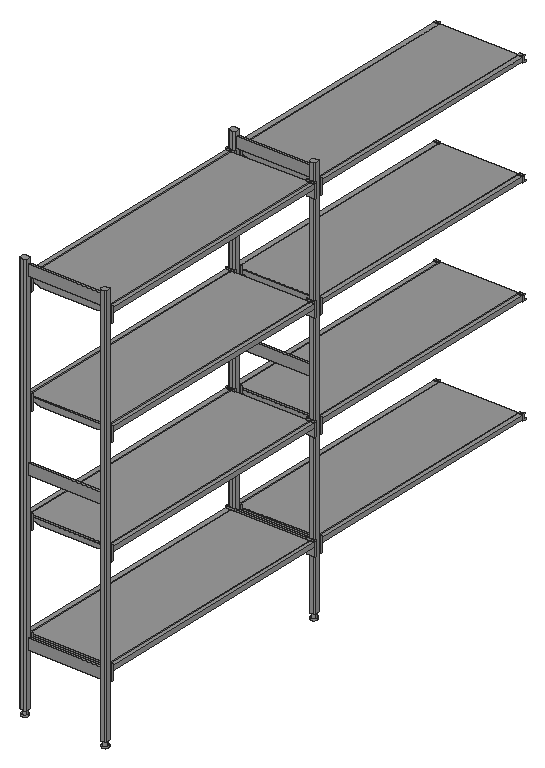
Revit family "QF_ELECTROLUXPROFESSIONAL_137065_ACS2192", category Attrezzature speciali, Revit 2020
Family settings
  Quota connettore circolare = Usa diametro
  Tipo di parte = Normale
  Basato su piano di lavoro = No
  Sempre verticale = Sì
  Taglio con vuoti quando caricato = No
  Condiviso = No
  Punto di calcolo locali = No
Parameters (values of type "Standard")
  Weight = 34.00 kg
  Watts = 0 W
  Volts = 0 V
  URL Manufacturer = "https://www.electroluxprofessional.com/"
  URL = "https://www.electroluxprofessional.com/"
  Steam Supply Size = 0 mm
  Steam Supply Minimum Pressure = 0.0 Pa
  Steam Supply Maximum Pressure = 0.0 Pa
  Steam Consumption per Hour = 0
  Refrigeration Suction Line Size = 0.0 mm
  Refrigeration Liquid Line Size = 0.0 mm
  Refrigerant Compressor Remote = yes
  Prospetto di default = 0.0 mm
  Phase = 0
  Modello = "ACS2192"
  Produttore = "Electrolux Professional"
  Length Actual = 2196.0 mm  # constant formula
  Item Number = "137065"
  Hot Water Size = 0 mm
  Height Actual = 1700.0 mm  # constant formula
  HP = "0 HP"
  Gas Size = 0 mm
  Gas KW = 0
  Gas Input Pressure = 0 W
  Direct Waste Size = 0 mm
  Descrizione = "ALUM.CORNER SHELV.-POLY.TIERS-373X2196MM"
  Depth Actual = 373.0 mm  # constant formula
  Cycle = 0 Hz
  Condensate Return Size = 0 mm
  Compressed Air Volume = 0.0 L/s
  Compressed Air Size = 0 mm
  Compressed Air Pressure = 0.0 Pa
  Cold Water Size = 0 mm
  Accessory = yes
Reference planes
  plane 1: z = 0
  plane 2 "CenterLeft": y = -535.5
  plane 3 "FRONT": y = -921.5
  plane 4 "LEFT": x = 192.5
  plane 5 "RIGHT": x = 565.5
  plane 6 "TOP": z = 1700
  plane 7: y = -889.5
  plane 8: y = 172.5
  plane 9 "Center (Left/Back)": x = 379
  plane 10: x = 205
  plane 11: x = 515
  plane 12 "FEET": z = 25
  plane 13: z = 275
  plane 14: z = 725
  plane 15: z = 1175
  plane 16: z = 1625
  plane 17 "CXLeft": y = -907.5
  plane 18 "Center (Front/Back)": y = 190.5
  plane 19 "CYFront": x = 510
  plane 20: y = 1270.5
  plane 21: y = 208.5
  plane 22 "BACK": y = 1274.5
  plane 23 "LEFT_ORIGIN": x = 158.5
  plane 24 "BACK_ORIGIN": y = 1647.5
Forms (mm)
  Extrusion 1, solid, material "QF_Aluminum"
    sketch origin (38.022, -921.5, -4.006) x (-1, 0, 0) y (0, 0, 1)
      loop
        line (-189.5, 1637.003) -> (-173.5, 1637.003) -> (-173.5, 1655) -> (-175.493, 1655) -> (-175.493, 1648.501) -> (-506.5, 1648.501) -> (-506.5, 1655) -> (-508.5, 1655) -> (-508.5, 1637.003) -> (-492.5, 1637.003) -> (-458.5, 1625) -> (-223.5, 1625) -> (-189.5, 1637.003)
      loop
        line (-189.5, 1187.003) -> (-173.5, 1187.003) -> (-173.5, 1205) -> (-175.493, 1205) -> (-175.493, 1198.501) -> (-506.5, 1198.501) -> (-506.5, 1205) -> (-508.5, 1205) -> (-508.5, 1187.003) -> (-492.5, 1187.003) -> (-458.5, 1175) -> (-223.5, 1175) -> (-189.5, 1187.003)
      loop
        line (-189.5, 737.003) -> (-173.5, 737.003) -> (-173.5, 755) -> (-175.493, 755) -> (-175.493, 748.501) -> (-506.5, 748.501) -> (-506.5, 755) -> (-508.5, 755) -> (-508.5, 737.003) -> (-492.5, 737.003) -> (-458.5, 725) -> (-223.5, 725) -> (-189.5, 737.003)
      loop
        line (-189.5, 287.003) -> (-173.5, 287.003) -> (-173.5, 305) -> (-175.493, 305) -> (-175.493, 298.501) -> (-506.5, 298.501) -> (-506.5, 305) -> (-508.5, 305) -> (-508.5, 287.003) -> (-492.5, 287.003) -> (-458.5, 275) -> (-223.5, 275) -> (-189.5, 287.003)
    from 37 to 32
  Extrusion 2, solid, material "QF_Aluminum"
    sketch origin (38.022, -921.5, 0) x (-1, 0, 0) y (0, 0, 1)
      loop
        line (-154.478, 246.005) -> (-154.478, 307.993) -> (-190.471, 307.993) -> (-190.471, 246.005) -> (-154.478, 246.005)
      loop
        line (-527.478, 246.005) -> (-491.484, 246.005) -> (-491.484, 307.993) -> (-527.478, 307.993) -> (-527.478, 246.005)
      loop
        line (-154.478, 696.005) -> (-154.478, 757.993) -> (-190.471, 757.993) -> (-190.471, 696.005) -> (-154.478, 696.005)
      loop
        line (-527.478, 696.005) -> (-491.484, 696.005) -> (-491.484, 757.993) -> (-527.478, 757.993) -> (-527.478, 696.005)
      loop
        line (-154.478, 1146.005) -> (-154.478, 1207.993) -> (-190.471, 1207.993) -> (-190.471, 1146.005) -> (-154.478, 1146.005)
      loop
        line (-527.478, 1146.005) -> (-491.484, 1146.005) -> (-491.484, 1207.993) -> (-527.478, 1207.993) -> (-527.478, 1146.005)
      loop
        line (-154.478, 1596.005) -> (-154.478, 1657.993) -> (-190.471, 1657.993) -> (-190.471, 1596.005) -> (-154.478, 1596.005)
      loop
        line (-527.478, 1596.005) -> (-491.484, 1596.005) -> (-491.484, 1657.993) -> (-527.478, 1657.993) -> (-527.478, 1596.005)
    from 28 to 32
  Extrusion 3, solid, material "QF_Aluminum"
    sketch origin (38.022, -921.5, 0) x (-1, 0, 0) y (0, 0, 1)
      loop
        line (-154.5, 1650.994) -> (-173.5, 1650.994) -> (-173.5, 1632.998) -> (-154.5, 1632.998) -> (-154.5, 1650.994)
      loop
        line (-154.5, 1200.994) -> (-173.5, 1200.994) -> (-173.5, 1182.998) -> (-154.5, 1182.998) -> (-154.5, 1200.994)
      loop
        line (-154.5, 750.994) -> (-173.5, 750.994) -> (-173.5, 732.998) -> (-154.5, 732.998) -> (-154.5, 750.994)
      loop
        line (-154.5, 300.994) -> (-173.5, 300.994) -> (-173.5, 282.998) -> (-154.5, 282.998) -> (-154.5, 300.994)
      loop
        line (-527.455, 1650.994) -> (-527.455, 1632.998) -> (-508.455, 1632.998) -> (-508.455, 1650.994) -> (-527.455, 1650.994)
      loop
        line (-527.455, 1200.994) -> (-527.455, 1182.998) -> (-508.455, 1182.998) -> (-508.455, 1200.994) -> (-527.455, 1200.994)
      loop
        line (-527.455, 750.994) -> (-527.455, 732.998) -> (-508.455, 732.998) -> (-508.455, 750.994) -> (-527.455, 750.994)
      loop
        line (-527.455, 300.994) -> (-527.455, 282.998) -> (-508.455, 282.998) -> (-508.455, 300.994) -> (-527.455, 300.994)
    from 32 to 1094
  Extrusion 4, solid, material "QF_Polyethylene"
    sketch origin (38.022, -921.5, 0) x (-1, 0, 0) y (0, 0, 1)
      loop
        line (-175.493, 1650.994) -> (-506.5, 1650.994) -> (-506.5, 1644.496) -> (-175.493, 1644.496) -> (-175.493, 1650.994)
      loop
        line (-175.493, 1200.994) -> (-506.5, 1200.994) -> (-506.5, 1194.496) -> (-175.493, 1194.496) -> (-175.493, 1200.994)
      loop
        line (-175.493, 750.994) -> (-506.5, 750.994) -> (-506.5, 744.496) -> (-175.493, 744.496) -> (-175.493, 750.994)
      loop
        line (-175.493, 300.994) -> (-506.5, 300.994) -> (-506.5, 294.496) -> (-175.493, 294.496) -> (-175.493, 300.994)
    from 32 to 1094
  Extrusion 5, solid, material "QF_Aluminum"
    sketch origin (38.022, 684.5, 0) x (-1, 0, 0) y (0, 0, 1)
      loop
        line (-154.5, 1650.994) -> (-173.5, 1650.994) -> (-173.5, 1632.998) -> (-154.5, 1632.998) -> (-154.5, 1650.994)
      loop
        line (-508.5, 1650.994) -> (-527.455, 1650.994) -> (-527.455, 1632.998) -> (-508.5, 1632.998) -> (-508.5, 1650.994)
      loop
        line (-154.5, 1200.994) -> (-173.5, 1200.994) -> (-173.5, 1182.998) -> (-154.5, 1182.998) -> (-154.5, 1200.994)
      loop
        line (-508.5, 1200.994) -> (-527.455, 1200.994) -> (-527.455, 1182.998) -> (-508.5, 1182.998) -> (-508.5, 1200.994)
      loop
        line (-154.5, 750.994) -> (-173.5, 750.994) -> (-173.5, 732.998) -> (-154.5, 732.998) -> (-154.5, 750.994)
      loop
        line (-508.5, 750.994) -> (-527.455, 750.994) -> (-527.455, 732.998) -> (-508.5, 732.998) -> (-508.5, 750.994)
      loop
        line (-154.5, 300.994) -> (-173.5, 300.994) -> (-173.5, 282.998) -> (-154.5, 282.998) -> (-154.5, 300.994)
      loop
        line (-508.5, 300.994) -> (-527.455, 300.994) -> (-527.455, 282.998) -> (-508.5, 282.998) -> (-508.5, 300.994)
    from 586 to -476
  Extrusion 6, solid, material "QF_Polyethylene"
    sketch origin (38.022, 684.5, 0) x (-1, 0, 0) y (0, 0, 1)
      loop
        line (-175.493, 1650.994) -> (-506.5, 1650.994) -> (-506.5, 1644.496) -> (-175.493, 1644.496) -> (-175.493, 1650.994)
      loop
        line (-175.493, 1200.994) -> (-506.5, 1200.994) -> (-506.5, 1194.496) -> (-175.493, 1194.496) -> (-175.493, 1200.994)
      loop
        line (-175.493, 750.994) -> (-506.5, 750.994) -> (-506.5, 744.496) -> (-175.493, 744.496) -> (-175.493, 750.994)
      loop
        line (-175.493, 300.994) -> (-506.5, 300.994) -> (-506.5, 294.496) -> (-175.493, 294.496) -> (-175.493, 300.994)
    from 586 to -476
Lines and regions (mm)
  symbolic lines
    curve 1: line (205, -912.5, 1700) -> (515, -912.5, 1700)
    curve 2: line (515, -902.5, 1700) -> (205, -902.5, 1700)
    curve 3: line (192.5, -893.5, 1700) -> (192.5, 176.5, 1700)
    curve 4: line (565.5, -889.5, 1700) -> (565.5, 172.5, 1700)
    curve 5: line (192.5, 204.5, 1700) -> (192.5, 1274.5, 1700)
    curve 6: line (565.5, 204.5, 1700) -> (565.5, 1274.5, 1700)
    curve 7: line (211.522, 1270.5, 1700) -> (510.507, 1270.5, 1700)
    curve 8: line (211.522, 172.5, 1700) -> (510.507, 172.5, 1700)
    curve 9: line (510.507, 208.5, 1700) -> (211.522, 208.5, 1700)
    curve 10: line (211.522, -889.5, 1700) -> (510.507, -889.5, 1700)
    curve 11: line (211.522, -889.5, 1700) -> (211.522, 172.5, 1700)
    curve 12: line (546.478, 172.5, 1700) -> (546.478, -889.5, 1700)
    curve 13: line (211.522, 208.5, 1700) -> (211.522, 1270.5, 1700)
    curve 14: line (546.522, 652.5, 1700) -> (546.522, -145.5, 1700)
Dimensions and locks
  plane 3 "FRONT" to plane 2 "CenterLeft" = 386.0 mm
  locked: plane 6 "TOP" to level at 1700
  locked: plane 7 to plane 8 at 1062
  locked: plane 10 to plane 11 at 310
  plane 10 to plane 9 "Center (Left/Back)" to plane 11 = 174.0 mm, 136.0 mm
  equal spacing: plane 4 "LEFT", plane 9 "Center (Left/Back)", plane 5 "RIGHT"
  plane 12 "FEET" to level = 25.0 mm
  plane 6 "TOP" to plane 12 "FEET" = 1675.0 mm
  plane 13 to plane 12 "FEET" = 250.0 mm
  plane 14 to plane 13 = 450.0 mm
  plane 15 to plane 14 = 450.0 mm
  plane 16 to plane 15 = 450.0 mm
  plane 19 "CYFront" to Extrusion 1 sketch curve = 34.522 mm
  locked: plane 21 to plane 20 at 1062
  locked: plane 8 to plane 18 "Center (Front/Back)" at 18
  locked: plane 18 "Center (Front/Back)" to plane 21 at 18
  locked: plane 3 "FRONT" to plane 7 at 32
  locked: plane 4 "LEFT" to plane 5 "RIGHT" at 373
  locked: plane 23 "LEFT_ORIGIN" to plane 5 "RIGHT" at 407
  locked: plane 22 "BACK" to plane 24 "BACK_ORIGIN" at 373
  locked: plane 22 "BACK" to plane 3 "FRONT" at 2196
  aligned and locked: level to plane 1
  aligned and locked: Extrusion 1 to plane 7
  aligned and locked: plane 7 to Extrusion 2
  aligned and locked: Extrusion 4 to plane 7
  aligned and locked: plane 8 to Extrusion 4
  aligned and locked: Extrusion 3 to plane 7
  aligned and locked: plane 8 to Extrusion 3
  aligned and locked: Extrusion 1 sketch curve to Extrusion 1 sketch curve  (x3)
  aligned and locked: Extrusion 4 sketch curve to Extrusion 1  (x4)
  aligned and locked: Extrusion 5 sketch curve to Extrusion 5 sketch curve  (x2)
  aligned and locked: Extrusion 5 to plane 21  (x5)
  aligned and locked: Extrusion 6 to plane 21  (x5)
  aligned and locked: nested 2 to plane 18 "Center (Front/Back)"
  aligned and locked: nested 1 to plane 17 "CXLeft"
  aligned and locked: plane 7 to Extrusion 3  (x3)
  aligned and locked: Extrusion 3 to plane 8  (x4)
  aligned and locked: Extrusion 4 to plane 8  (x4)
  aligned and locked: plane 20 to Extrusion 5
  aligned and locked: plane 20 to Extrusion 6
  aligned and locked: Extrusion 5 to plane 20  (x3)
  aligned and locked: Extrusion 6 to plane 20  (x3)
  aligned and locked: plane 9 "Center (Left/Back)" to nested 2
  aligned and locked: nested 3 to plane 22 "BACK"
Automatic sketch dimensions
  curve 1 to plane 10 = 0.0 mm
  curve 1 to plane 11 = 0.0 mm
  curve 2 to plane 10 = 0.0 mm
  curve 2 to plane 11 = 0.0 mm
  curve 3 to plane 4 "LEFT" = 0.0 mm
  plane 7 to curve 10 = 0.0 mm
  curve 4 to plane 5 "RIGHT" = 0.0 mm
  plane 7 to curve 4 = 0.0 mm
  plane 8 to curve 8 = 0.0 mm
  plane 8 to curve 4 = 0.0 mm
  curve 6 to plane 5 "RIGHT" = 0.0 mm
  curve 5 to plane 4 "LEFT" = 0.0 mm
  curve 9 to plane 21 = 0.0 mm
  plane 20 to curve 7 = 0.0 mm
  plane 7 to curve 3 = 4.0 mm
  plane 17 "CXLeft" to curve 2 = 5.0 mm
  curve 1 to plane 17 "CXLeft" = 5.0 mm
  curve 3 to plane 8 = 4.0 mm
  curve 6 to plane 21 = 4.0 mm
  curve 5 to plane 21 = 4.0 mm
  curve 6 to plane 20 = 4.0 mm
  curve 5 to plane 20 = 4.0 mm
  plane 11 to curve 10 = 4.493 mm
  plane 11 to curve 9 = 4.493 mm
  plane 11 to curve 8 = 4.493 mm
  plane 11 to curve 7 = 4.493 mm
  curve 8 to plane 10 = 6.522 mm
  curve 7 to plane 10 = 6.522 mm
  Extrusion 1 sketch curve to plane 19 "CYFront" = 36.522 mm  (x4)
  Extrusion 1 sketch curve to plane 11 = 15.522 mm  (x4)
  Extrusion 1 sketch curve to plane 13 = 4.006 mm
  Extrusion 1 sketch curve to Extrusion 1 sketch curve = 34.0 mm  (x4)
  Extrusion 1 sketch curve to plane 14 = 4.006 mm
  Extrusion 1 sketch curve to plane 15 = 4.006 mm
  Extrusion 1 sketch curve to plane 16 = 4.006 mm
  Extrusion 1 sketch curve to plane 10 = 56.522 mm  (x4)
  Extrusion 1 sketch curve to plane 10 = 22.522 mm  (x4)
  plane 13 to Extrusion 1 sketch curve = 7.998 mm  (x2)
  Extrusion 1 sketch curve to Extrusion 1 sketch curve = 11.498 mm  (x4)
  Extrusion 1 sketch curve to Extrusion 1 sketch curve = 6.499 mm  (x8)
  plane 14 to Extrusion 1 sketch curve = 7.998 mm  (x2)
  plane 15 to Extrusion 1 sketch curve = 7.998 mm  (x2)
  plane 16 to Extrusion 1 sketch curve = 7.998 mm  (x2)
  Extrusion 2 sketch curve to plane 5 "RIGHT" = 0.0 mm  (x4)
  Extrusion 2 sketch curve to plane 4 "LEFT" = 0.0 mm  (x4)
  Extrusion 2 sketch curve to plane 11 = 14.507 mm  (x4)
  Extrusion 2 sketch curve to plane 10 = 23.493 mm  (x4)
  Extrusion 2 sketch curve to plane 13 = 28.995 mm  (x2)
  plane 13 to Extrusion 2 sketch curve = 32.993 mm  (x2)
  Extrusion 2 sketch curve to plane 14 = 28.995 mm  (x2)
  plane 14 to Extrusion 2 sketch curve = 32.993 mm  (x2)
  Extrusion 2 sketch curve to plane 15 = 28.995 mm  (x2)
  plane 15 to Extrusion 2 sketch curve = 32.993 mm  (x2)
  Extrusion 2 sketch curve to plane 16 = 28.995 mm  (x2)
  plane 16 to Extrusion 2 sketch curve = 32.993 mm  (x2)
  plane 13 to Extrusion 4 sketch curve = 19.496 mm
  Extrusion 4 sketch curve to Extrusion 4 sketch curve = 6.499 mm  (x4)
  plane 14 to Extrusion 4 sketch curve = 19.496 mm
  plane 15 to Extrusion 4 sketch curve = 19.496 mm
  plane 16 to Extrusion 4 sketch curve = 19.496 mm
  plane 5 "RIGHT" to Extrusion 5 sketch curve = 0.022 mm  (x4)
  Extrusion 5 sketch curve to plane 4 "LEFT" = 19.022 mm  (x4)
  Extrusion 5 sketch curve to plane 19 "CYFront" = 36.522 mm  (x2)
  plane 13 to Extrusion 5 sketch curve = 7.998 mm  (x2)
  Extrusion 5 sketch curve to Extrusion 5 sketch curve = 17.997 mm  (x8)
  plane 14 to Extrusion 5 sketch curve = 7.998 mm  (x2)
  plane 15 to Extrusion 5 sketch curve = 7.998 mm  (x2)
  plane 16 to Extrusion 5 sketch curve = 7.998 mm  (x2)
  Extrusion 6 sketch curve to plane 19 "CYFront" = 34.522 mm  (x4)
  plane 13 to Extrusion 6 sketch curve = 19.496 mm
  Extrusion 6 sketch curve to Extrusion 6 sketch curve = 6.499 mm  (x4)
  plane 14 to Extrusion 6 sketch curve = 19.496 mm
  plane 15 to Extrusion 6 sketch curve = 19.496 mm
  plane 16 to Extrusion 6 sketch curve = 19.496 mm
  plane 5 "RIGHT" to Extrusion 3 sketch curve = 0.022 mm  (x4)
  Extrusion 3 sketch curve to Extrusion 3 sketch curve = 19.0 mm  (x4)
  plane 14 to Extrusion 3 sketch curve = 7.998 mm  (x2)
  Extrusion 3 sketch curve to plane 10 = 6.522 mm  (x4)
  Extrusion 3 sketch curve to plane 4 "LEFT" = 0.022 mm  (x4)
  plane 13 to Extrusion 3 sketch curve = 25.994 mm  (x2)
  plane 13 to Extrusion 3 sketch curve = 7.998 mm  (x2)
  Extrusion 3 sketch curve to Extrusion 3 sketch curve = 17.997 mm  (x6)
  plane 15 to Extrusion 3 sketch curve = 7.998 mm  (x2)
  plane 16 to Extrusion 3 sketch curve = 7.998 mm  (x2)
  plane 7 to curve 12 = 0.0 mm
  plane 8 to curve 12 = 0.0 mm
  curve 4 to curve 12 = 19.022 mm
  Extrusion 1 sketch curve to plane 10 = 8.516 mm  (x4)
  Extrusion 1 sketch curve to plane 10 = 6.522 mm  (x2)
  Extrusion 1 sketch curve to Extrusion 1 sketch curve = 1.993 mm  (x2)
  Extrusion 4 sketch curve to plane 10 = 8.516 mm  (x4)
  Extrusion 5 sketch curve to plane 4 "LEFT" = 0.022 mm  (x4)
  Extrusion 6 sketch curve to plane 10 = 8.516 mm  (x4)
Nested families
  nested 1: "WT_Anta373" at (215.5, -504.5, 0) x (0, 1, 0) z (0, 0, 1), type "WT_Anta373"
  nested 2: "WT_Anta373Center" at (215.5, 593.5, 0) x (0, 1, 0) z (0, 0, 1), type "WT_Anta373Center"
  nested 3: "WT_Aggancio373" at (215.5, 1682.5, 0) x (0, 1, 0) z (0, 0, 1), type "WT_Aggancio373"
Definition of nested family "WT_Anta373"
  Parameters
    WidthLeft = A + 64.0 mm  # 772.0 mm
    Width = 1606.0 mm
    Right = WidthLeft / 2  # 386.0 mm
    Default Elevation = 0.0 mm
    Left = -WidthLeft / 2  # -386.0 mm
    Height = 1725.0 mm
    FEET = 25.0 mm
    E = 0.0 mm
    Dint = Depth - 63.0 mm  # 310.0 mm
    Dext = Depth - 8.0 mm  # 365.0 mm
    Depth = 373.0 mm
    DX = (WidthLeft - A) / 2  # 32.0 mm
    B = 798.0 mm
    A = 708.0 mm
  Reference planes
    plane 1: z = 0
    plane 2 "LEFT": x = -417
    plane 3 "BACK": y = 23
    plane 4 "FRONT": y = -350
    plane 5 "TOP": z = 1725
    plane 6 "Center (Front/Back)": y = -163.5
    plane 7: y = -8.5
    plane 8: y = -318.5
    plane 9 "FEET": z = 25
    plane 10: z = 275
    plane 11: z = 725
    plane 12: z = 1175
    plane 13: z = 1625
    plane 14 "CXLeft": x = -403
    plane 15: y = 5.5
    plane 16 "CYBack": y = 5.5
    plane 17 "CYFront": y = -332.5
    plane 18: x = -385.031
    plane 19: x = -380.031
  Forms (mm)
    Extrusion 1, solid
      sketch origin (0, 0, 0) x (1, 0, 0) y (0, 1, 0)
        loop
          line (-417, 13.246) -> (-417, -2.246) -> (-410.746, -8.5) -> (-395.254, -8.5) -> (-389, -2.246) -> (-389, 13.246) -> (-395.254, 19.5) -> (-410.746, 19.5) -> (-417, 13.246)
      from 1725 to 25
    Extrusion 2, solid
      sketch origin (-417, 0, 0) x (0, 1, 0) y (0, 0, 1)
        loop
          line (23, 246.005) -> (23, 307.993) -> (-12.993, 307.993) -> (-12.993, 246.005) -> (23, 246.005)
        loop
          line (-350, 246.005) -> (-314.007, 246.005) -> (-314.007, 307.993) -> (-350, 307.993) -> (-350, 246.005)
        loop
          line (23, 696.005) -> (23, 757.993) -> (-12.993, 757.993) -> (-12.993, 696.005) -> (23, 696.005)
        loop
          line (-350, 696.005) -> (-314.007, 696.005) -> (-314.007, 757.993) -> (-350, 757.993) -> (-350, 696.005)
        loop
          line (23, 1146.005) -> (23, 1207.993) -> (-12.993, 1207.993) -> (-12.993, 1146.005) -> (23, 1146.005)
        loop
          line (-350, 1146.005) -> (-314.007, 1146.005) -> (-314.007, 1207.993) -> (-350, 1207.993) -> (-350, 1146.005)
        loop
          line (23, 1596.005) -> (23, 1657.993) -> (-12.993, 1657.993) -> (-12.993, 1596.005) -> (23, 1596.005)
        loop
          line (-350, 1596.005) -> (-314.007, 1596.005) -> (-314.007, 1657.993) -> (-350, 1657.993) -> (-350, 1596.005)
      from 28 to 32
    Revolve 3, solid
      sketch origin (-403, 0, 0) x (0, 1, 0) y (0, 0, 1)
        loop
          line (5.5, 25) -> (5.5, 0) -> (19, 0) -> (19, 5) -> (14, 5) -> (14, 25) -> (5.5, 25)
        axis (5.5, 25) -> (5.5, 0)
      angle from 0 to 360
    Extrusion 4, solid
      sketch origin (-403, 0, 0) x (0, 1, 0) y (0, 0, 1)
        loop
          line (-8.5, 912.382) -> (-8.5, 957.374) -> (-318.5, 957.374) -> (-318.5, 912.382) -> (-8.5, 912.382)
        loop
          line (-8.5, 1662.244) -> (-8.5, 1707.236) -> (-318.5, 1707.236) -> (-318.5, 1662.244) -> (-8.5, 1662.244)
      from -5 to 5
    Revolve 5, solid
      sketch origin (-403, -627, 0) x (0, -1, 0) y (0, 0, 1)
        loop
          line (-294.5, 25) -> (-294.5, 0) -> (-281, 0) -> (-281, 5) -> (-286, 5) -> (-286, 25) -> (-294.5, 25)
        axis (-294.5, 25) -> (-294.5, 0)
      angle from 0 to 360
    Extrusion 6, solid
      sketch origin (0, -627, 0) x (1, 0, 0) y (0, 1, 0)
        loop
          line (-417, 286.754) -> (-410.746, 280.5) -> (-395.254, 280.5) -> (-389, 286.754) -> (-389, 302.246) -> (-395.254, 308.5) -> (-410.746, 308.5) -> (-417, 302.246) -> (-417, 286.754)
      from 1725 to 25
    Extrusion 7, solid
      sketch origin (-417.031, -0.022, 0) x (0, 1, 0) y (0, 0, -1)
        loop
          line (-12, -1632.998) -> (-46, -1620.994) -> (-281, -1620.994) -> (-315, -1632.998) -> (-331, -1632.998) -> (-331, -1650.994) -> (-329, -1650.994) -> (-329, -1644.496) -> (2.007, -1644.496) -> (2.007, -1650.994) -> (4, -1650.994) -> (4, -1632.998) -> (-12, -1632.998)
        loop
          line (-12, -1182.998) -> (-46, -1170.994) -> (-281, -1170.994) -> (-315, -1182.998) -> (-331, -1182.998) -> (-331, -1200.994) -> (-329, -1200.994) -> (-329, -1194.496) -> (2.007, -1194.496) -> (2.007, -1200.994) -> (4, -1200.994) -> (4, -1182.998) -> (-12, -1182.998)
        loop
          line (-12, -732.998) -> (-46, -720.994) -> (-281, -720.994) -> (-315, -732.998) -> (-331, -732.998) -> (-331, -750.994) -> (-329, -750.994) -> (-329, -744.496) -> (2.007, -744.496) -> (2.007, -750.994) -> (4, -750.994) -> (4, -732.998) -> (-12, -732.998)
        loop
          line (-12, -282.998) -> (-46, -270.994) -> (-281, -270.994) -> (-315, -282.998) -> (-331, -282.998) -> (-331, -300.994) -> (-329, -300.994) -> (-329, -294.496) -> (2.007, -294.496) -> (2.007, -300.994) -> (4, -300.994) -> (4, -282.998) -> (-12, -282.998)
      from -32 to -37
    Extrusion 8, solid
      sketch origin (-403, 0, -659.878) x (0, 1, 0) y (0, 0, 1)
        loop
          line (-8.5, 912.382) -> (-8.5, 957.374) -> (-318.5, 957.374) -> (-318.5, 912.382) -> (-8.5, 912.382)
        loop
          line (-8.5, 1572.382) -> (-8.5, 1617.374) -> (-318.5, 1617.374) -> (-318.5, 1572.382) -> (-8.5, 1572.382)
        loop
          line (-8.5, 2322.382) -> (-8.5, 2367.374) -> (-318.5, 2367.374) -> (-318.5, 2322.382) -> (-8.5, 2322.382)
      from -5 to 5
  Lines and regions (mm)
    symbolic lines
      curve 1: line (-408, -8.5, 1725) -> (-408, -318.5, 1725)
      curve 2: line (-398, -318.5, 1725) -> (-398, -8.5, 1725)
      curve 3: line (-395.254, -8.5, 1725) -> (-410.746, -8.5, 1725)
      curve 4: line (-417, -2.246, 1725) -> (-410.746, -8.5, 1725)
      curve 5: line (-417, 13.246, 1725) -> (-417, -2.246, 1725)
      curve 6: line (-410.746, 19.5, 1725) -> (-417, 13.246, 1725)
      curve 7: line (-395.254, 19.5, 1725) -> (-410.746, 19.5, 1725)
      curve 8: line (-389, 13.246, 1725) -> (-395.254, 19.5, 1725)
      curve 9: line (-395.254, -8.5, 1725) -> (-389, -2.246, 1725)
      curve 10: line (-395.254, -318.5, 1725) -> (-410.746, -318.5, 1725)
      curve 11: line (-417, -324.754, 1725) -> (-410.746, -318.5, 1725)
      curve 12: line (-410.746, -346.5, 1725) -> (-417, -340.246, 1725)
      curve 13: line (-395.254, -346.5, 1725) -> (-410.746, -346.5, 1725)
      curve 14: line (-389, -340.246, 1725) -> (-395.254, -346.5, 1725)
      curve 15: line (-395.254, -318.5, 1725) -> (-389, -324.754, 1725)
      curve 16: line (-389, -350, 1725) -> (-389, -314.007, 1725)
      curve 17: line (-389, -314.007, 1725) -> (-385, -314.007, 1725)
      curve 18: line (-389, 23, 1725) -> (-389, -12.993, 1725)
      curve 19: line (-389, -12.993, 1725) -> (-385, -12.993, 1725)
      curve 20: line (-417, -324.754, 1725) -> (-417, -340.246, 1725)
      curve 21: line (-385, -350, 1725) -> (-385, -314.007, 1725)
      curve 22: line (-385, -350, 1725) -> (-389, -350, 1725)
      curve 23: line (-385, 23, 1725) -> (-389, 23, 1725)
      curve 24: line (-385, -12.993, 1725) -> (-385, 23, 1725)
      curve 25: line (-385.031, -13.016, 1725) -> (-385.031, -314.029, 1725)
  Dimensions and locks
    "Height": plane 5 "TOP" to level
    "Depth": plane 3 "BACK" to plane 4 "FRONT"
    "Dint": plane 7 to plane 8
    equal spacing: plane 7, plane 6 "Center (Front/Back)", plane 8
    equal spacing: plane 3 "BACK", plane 6 "Center (Front/Back)", plane 4 "FRONT"
    plane 9 "FEET" to level = 25.0 mm
    plane 5 "TOP" to plane 9 "FEET" = 1700.0 mm
    plane 10 to plane 9 "FEET" = 250.0 mm
    plane 11 to plane 10 = 450.0 mm
    plane 12 to plane 11 = 450.0 mm
    plane 13 to plane 12 = 450.0 mm
    locked: plane 2 "LEFT" to plane 14 "CXLeft" at 14
    locked: plane 3 "BACK" to plane 16 "CYBack" at 17.5
    locked: plane 17 "CYFront" to plane 4 "FRONT" at 17.5
    locked: Revolve 3 sketch curve to Revolve 3 sketch curve at 8.5
    locked: Revolve 3 sketch curve to plane 16 "CYBack" at 13.5
    locked: Revolve 5 sketch curve to Revolve 5 sketch curve at 8.5
    aligned and locked: level to plane 1
    aligned and locked: curve 20 to Extrusion 6
    aligned and locked: plane 5 "TOP" to Extrusion 1
    aligned and locked: plane 5 "TOP" to Extrusion 6
    aligned and locked: Extrusion 7 sketch curve to Extrusion 7 sketch curve  (x3)
  Automatic sketch dimensions
    curve 16 to plane 4 "FRONT" = 0.0 mm
    curve 11 to plane 8 = 0.0 mm
    curve 9 to plane 7 = 0.0 mm
    curve 5 to plane 2 "LEFT" = 0.0 mm
    curve 23 to plane 3 "BACK" = 0.0 mm
    plane 4 "FRONT" to curve 13 = 3.5 mm
    curve 20 to plane 17 "CYFront" = 7.746 mm
    curve 20 to plane 8 = 6.254 mm
    plane 8 to curve 16 = 4.493 mm
    curve 24 to plane 18 = 0.031 mm
    curve 24 to plane 7 = 4.493 mm
    plane 7 to curve 5 = 6.254 mm
    curve 5 to plane 15 = 7.746 mm
    curve 6 to plane 3 "BACK" = 3.5 mm
    curve 21 to plane 18 = 0.031 mm
    plane 18 to curve 23 = 3.969 mm
    plane 18 to curve 16 = 3.969 mm
    curve 18 to curve 8 = 6.254 mm
    curve 18 to curve 3 = 6.254 mm
    curve 16 to curve 13 = 6.254 mm
    curve 16 to curve 15 = 6.254 mm
    plane 2 "LEFT" to curve 10 = 6.254 mm
    plane 2 "LEFT" to curve 7 = 6.254 mm
    plane 2 "LEFT" to curve 12 = 6.254 mm
    plane 2 "LEFT" to curve 3 = 6.254 mm
    curve 14 to plane 17 "CYFront" = 7.746 mm
    curve 15 to plane 8 = 6.254 mm
    plane 7 to curve 9 = 6.254 mm
    curve 8 to plane 15 = 7.746 mm
    curve 3 to curve 2 = 2.746 mm
    curve 1 to curve 10 = 2.746 mm
    Extrusion 1 sketch curve to plane 2 "LEFT" = 0.0 mm
    Extrusion 1 sketch curve to plane 7 = 0.0 mm
    plane 2 "LEFT" to Extrusion 1 sketch curve = 6.254 mm  (x2)
    plane 14 "CXLeft" to Extrusion 1 sketch curve = 7.746 mm  (x2)
    Extrusion 1 sketch curve to plane 3 "BACK" = 3.5 mm
    plane 18 to Extrusion 1 sketch curve = 3.969 mm
    plane 7 to Extrusion 1 sketch curve = 6.254 mm  (x2)
    Extrusion 1 sketch curve to plane 15 = 7.746 mm  (x2)
    Extrusion 2 sketch curve to plane 4 "FRONT" = 0.0 mm  (x4)
    Extrusion 2 sketch curve to plane 3 "BACK" = 0.0 mm  (x4)
    plane 8 to Extrusion 2 sketch curve = 4.493 mm  (x4)
    Extrusion 2 sketch curve to plane 7 = 4.493 mm  (x4)
    Extrusion 2 sketch curve to plane 10 = 28.995 mm  (x2)
    plane 10 to Extrusion 2 sketch curve = 32.993 mm  (x2)
    Extrusion 2 sketch curve to plane 11 = 28.995 mm  (x2)
    plane 11 to Extrusion 2 sketch curve = 32.993 mm  (x2)
    Extrusion 2 sketch curve to plane 12 = 28.995 mm  (x2)
    plane 12 to Extrusion 2 sketch curve = 32.993 mm  (x2)
    Extrusion 2 sketch curve to plane 13 = 28.995 mm  (x2)
    plane 13 to Extrusion 2 sketch curve = 32.993 mm  (x2)
    Revolve 3 sketch curve to plane 9 "FEET" = 0.0 mm  (x2)
    Revolve 3 sketch curve to plane 15 = 0.0 mm  (x2)
    Revolve 3 sketch curve to level = 0.0 mm
    level to Revolve 3 sketch curve = 5.0 mm
    Revolve 3 sketch curve to Revolve 3 sketch curve = 11.655 mm
    Extrusion 4 sketch curve to plane 8 = 0.0 mm  (x2)
    Extrusion 4 sketch curve to plane 7 = 0.0 mm  (x2)
    plane 11 to Extrusion 4 sketch curve = 187.382 mm
    Extrusion 4 sketch curve to Extrusion 4 sketch curve = 44.992 mm
    plane 13 to Extrusion 4 sketch curve = 37.244 mm
    Extrusion 4 sketch curve to plane 5 "TOP" = 17.764 mm
    Revolve 5 sketch curve to plane 9 "FEET" = 0.0 mm  (x2)
    Revolve 5 sketch curve to plane 17 "CYFront" = 0.0 mm  (x2)
    Revolve 5 sketch curve to level = 0.0 mm
    Revolve 5 sketch curve to plane 4 "FRONT" = 4.0 mm
    Revolve 5 sketch curve to Revolve 5 sketch curve = 5.0 mm
    level to Revolve 5 sketch curve = 11.655 mm
    Extrusion 6 sketch curve to plane 2 "LEFT" = 0.0 mm
    Extrusion 6 sketch curve to plane 8 = 0.0 mm
    Extrusion 6 sketch curve to plane 2 "LEFT" = 6.254 mm  (x2)
    Extrusion 6 sketch curve to plane 14 "CXLeft" = 7.746 mm  (x2)
    Extrusion 6 sketch curve to plane 4 "FRONT" = 3.5 mm
    Extrusion 6 sketch curve to plane 18 = 3.969 mm
    plane 8 to Extrusion 6 sketch curve = 6.254 mm  (x2)
    plane 17 "CYFront" to Extrusion 6 sketch curve = 7.746 mm  (x2)
    plane 17 "CYFront" to Extrusion 7 sketch curve = 1.478 mm  (x4)
    Extrusion 7 sketch curve to Extrusion 7 sketch curve = 2.0 mm
    plane 8 to Extrusion 7 sketch curve = 3.478 mm  (x4)
    Extrusion 7 sketch curve to plane 10 = 4.006 mm
    Extrusion 7 sketch curve to Extrusion 7 sketch curve = 34.0 mm  (x4)
    Extrusion 7 sketch curve to plane 11 = 4.006 mm
    Extrusion 7 sketch curve to plane 12 = 4.006 mm
    Extrusion 7 sketch curve to plane 13 = 4.006 mm
    Extrusion 7 sketch curve to plane 7 = 37.522 mm  (x4)
    Extrusion 7 sketch curve to plane 7 = 3.522 mm  (x4)
    plane 15 to Extrusion 7 sketch curve = 3.516 mm  (x4)
    plane 15 to Extrusion 7 sketch curve = 1.522 mm  (x4)
    plane 13 to Extrusion 7 sketch curve = 7.998 mm  (x2)
    Extrusion 7 sketch curve to Extrusion 7 sketch curve = 11.498 mm
    Extrusion 7 sketch curve to Extrusion 7 sketch curve = 6.499 mm  (x5)
    plane 12 to Extrusion 7 sketch curve = 25.994 mm  (x2)
    plane 12 to Extrusion 7 sketch curve = 7.998 mm  (x2)
    plane 11 to Extrusion 7 sketch curve = 25.994 mm  (x2)
    plane 11 to Extrusion 7 sketch curve = 7.998 mm  (x2)
    plane 10 to Extrusion 7 sketch curve = 25.994 mm  (x2)
    plane 10 to Extrusion 7 sketch curve = 7.998 mm  (x2)
    curve 25 to plane 18 = 0.0 mm
    plane 8 to curve 25 = 4.471 mm
    curve 25 to plane 7 = 4.516 mm
    Extrusion 8 sketch curve to plane 8 = 0.0 mm  (x3)
    Extrusion 8 sketch curve to plane 7 = 0.0 mm  (x3)
    Extrusion 8 sketch curve to plane 10 = 22.496 mm
    plane 10 to Extrusion 8 sketch curve = 22.496 mm
    plane 11 to Extrusion 8 sketch curve = 187.504 mm
    Extrusion 8 sketch curve to Extrusion 8 sketch curve = 44.992 mm
    plane 13 to Extrusion 8 sketch curve = 37.504 mm
    Extrusion 8 sketch curve to plane 5 "TOP" = 17.504 mm
Definition of nested family "WT_Anta373Center"
  Parameters
    WidthLeft = A + 64.0 mm  # 772.0 mm
    Width = 1606.0 mm
    Right = WidthLeft / 2  # 386.0 mm
    Default Elevation = 0.0 mm
    Left = -WidthLeft / 2  # -386.0 mm
    Height = 1725.0 mm
    FEET = 25.0 mm
    E = 0.0 mm
    Dint = Depth - 63.0 mm  # 310.0 mm
    Dext = Depth - 8.0 mm  # 365.0 mm
    Depth = 373.0 mm
    DX = (WidthLeft - A) / 2  # 32.0 mm
    B = 798.0 mm
    A = 708.0 mm
  Reference planes
    plane 1: z = 0
    plane 2 "L": x = -417
    plane 3 "BACK": y = 23
    plane 4 "FRONT": y = -350
    plane 5 "TOP": z = 1725
    plane 6 "Center (Front/Back)": y = -163.5
    plane 7: y = -8.5
    plane 8: y = -318.5
    plane 9 "FEET": z = 25
    plane 10: z = 275
    plane 11: z = 725
    plane 12: z = 1175
    plane 13: z = 1625
    plane 14 "CXLeft": x = -403
    plane 15: y = 5.5
    plane 16 "CYBack": y = 5.5
    plane 17 "CYFront": y = -332.5
    plane 18: x = -385.031
    plane 19 "RIGHT": x = -380.031
    plane 20: x = -420.969
    plane 21 "LEFT": x = -425.969
  Forms (mm)
    Extrusion 1, solid
      sketch origin (0, 0, 0) x (1, 0, 0) y (0, 1, 0)
        loop
          line (-417, 13.246) -> (-417, -2.246) -> (-410.746, -8.5) -> (-395.254, -8.5) -> (-389, -2.246) -> (-389, 13.246) -> (-395.254, 19.5) -> (-410.746, 19.5) -> (-417, 13.246)
      from 1725 to 25
    Extrusion 2, solid
      sketch origin (-417, 0, 0) x (0, 1, 0) y (0, 0, 1)
        loop
          line (23, 246.005) -> (23, 307.993) -> (-12.993, 307.993) -> (-12.993, 246.005) -> (23, 246.005)
        loop
          line (-350, 246.005) -> (-314.007, 246.005) -> (-314.007, 307.993) -> (-350, 307.993) -> (-350, 246.005)
        loop
          line (23, 696.005) -> (23, 757.993) -> (-12.993, 757.993) -> (-12.993, 696.005) -> (23, 696.005)
        loop
          line (-350, 696.005) -> (-314.007, 696.005) -> (-314.007, 757.993) -> (-350, 757.993) -> (-350, 696.005)
        loop
          line (23, 1146.005) -> (23, 1207.993) -> (-12.993, 1207.993) -> (-12.993, 1146.005) -> (23, 1146.005)
        loop
          line (-350, 1146.005) -> (-314.007, 1146.005) -> (-314.007, 1207.993) -> (-350, 1207.993) -> (-350, 1146.005)
        loop
          line (23, 1596.005) -> (23, 1657.993) -> (-12.993, 1657.993) -> (-12.993, 1596.005) -> (23, 1596.005)
        loop
          line (-350, 1596.005) -> (-314.007, 1596.005) -> (-314.007, 1657.993) -> (-350, 1657.993) -> (-350, 1596.005)
      from 28 to 32
    Revolve 3, solid
      sketch origin (-403, 0, 0) x (0, 1, 0) y (0, 0, 1)
        loop
          line (5.5, 25) -> (5.5, 0) -> (19, 0) -> (19, 5) -> (14, 5) -> (14, 25) -> (5.5, 25)
        axis (5.5, 25) -> (5.5, 0)
      angle from 0 to 360
    Extrusion 4, solid
      sketch origin (-403, 0, 0) x (0, 1, 0) y (0, 0, 1)
        loop
          line (-8.5, 912.382) -> (-8.5, 957.374) -> (-318.5, 957.374) -> (-318.5, 912.382) -> (-8.5, 912.382)
        loop
          line (-8.5, 1662.244) -> (-8.5, 1707.236) -> (-318.5, 1707.236) -> (-318.5, 1662.244) -> (-8.5, 1662.244)
      from -5 to 5
    Revolve 5, solid
      sketch origin (-403, -627, 0) x (0, -1, 0) y (0, 0, 1)
        loop
          line (-294.5, 25) -> (-294.5, 0) -> (-281, 0) -> (-281, 5) -> (-286, 5) -> (-286, 25) -> (-294.5, 25)
        axis (-294.5, 25) -> (-294.5, 0)
      angle from 0 to 360
    Extrusion 6, solid
      sketch origin (0, -627, 0) x (1, 0, 0) y (0, 1, 0)
        loop
          line (-417, 286.754) -> (-410.746, 280.5) -> (-395.254, 280.5) -> (-389, 286.754) -> (-389, 302.246) -> (-395.254, 308.5) -> (-410.746, 308.5) -> (-417, 302.246) -> (-417, 286.754)
      from 1725 to 25
    Extrusion 7, solid
      sketch origin (-417.031, -0.022, 0) x (0, 1, 0) y (0, 0, -1)
        loop
          line (-12, -1632.998) -> (-46, -1620.994) -> (-281, -1620.994) -> (-315, -1632.998) -> (-331, -1632.998) -> (-331, -1650.994) -> (-329, -1650.994) -> (-329, -1644.496) -> (2.007, -1644.496) -> (2.007, -1650.994) -> (4, -1650.994) -> (4, -1632.998) -> (-12, -1632.998)
        loop
          line (-12, -1182.998) -> (-46, -1170.994) -> (-281, -1170.994) -> (-315, -1182.998) -> (-331, -1182.998) -> (-331, -1200.994) -> (-329, -1200.994) -> (-329, -1194.496) -> (2.007, -1194.496) -> (2.007, -1200.994) -> (4, -1200.994) -> (4, -1182.998) -> (-12, -1182.998)
        loop
          line (-12, -732.998) -> (-46, -720.994) -> (-281, -720.994) -> (-315, -732.998) -> (-331, -732.998) -> (-331, -750.994) -> (-329, -750.994) -> (-329, -744.496) -> (2.007, -744.496) -> (2.007, -750.994) -> (4, -750.994) -> (4, -732.998) -> (-12, -732.998)
        loop
          line (-12, -282.998) -> (-46, -270.994) -> (-281, -270.994) -> (-315, -282.998) -> (-331, -282.998) -> (-331, -300.994) -> (-329, -300.994) -> (-329, -294.496) -> (2.007, -294.496) -> (2.007, -300.994) -> (4, -300.994) -> (4, -282.998) -> (-12, -282.998)
      from -32 to -37
    Extrusion 8, solid
      sketch origin (-403, 0, -659.878) x (0, 1, 0) y (0, 0, 1)
        loop
          line (-8.5, 912.382) -> (-8.5, 957.374) -> (-318.5, 957.374) -> (-318.5, 912.382) -> (-8.5, 912.382)
        loop
          line (-8.5, 1572.382) -> (-8.5, 1617.374) -> (-318.5, 1617.374) -> (-318.5, 1572.382) -> (-8.5, 1572.382)
        loop
          line (-8.5, 2322.382) -> (-8.5, 2367.374) -> (-318.5, 2367.374) -> (-318.5, 2322.382) -> (-8.5, 2322.382)
      from -5 to 5
    Extrusion 9, solid
      sketch origin (-389, 0, 0) x (0, 1, 0) y (0, 0, -1)
        loop
          line (23, -246.005) -> (-12.993, -246.005) -> (-12.993, -307.993) -> (23, -307.993) -> (23, -246.005)
        loop
          line (-350, -246.005) -> (-350, -307.993) -> (-314.007, -307.993) -> (-314.007, -246.005) -> (-350, -246.005)
        loop
          line (23, -696.005) -> (-12.993, -696.005) -> (-12.993, -757.993) -> (23, -757.993) -> (23, -696.005)
        loop
          line (-350, -696.005) -> (-350, -757.993) -> (-314.007, -757.993) -> (-314.007, -696.005) -> (-350, -696.005)
        loop
          line (23, -1146.005) -> (-12.993, -1146.005) -> (-12.993, -1207.993) -> (23, -1207.993) -> (23, -1146.005)
        loop
          line (-350, -1146.005) -> (-350, -1207.993) -> (-314.007, -1207.993) -> (-314.007, -1146.005) -> (-350, -1146.005)
        loop
          line (23, -1596.005) -> (-12.993, -1596.005) -> (-12.993, -1657.993) -> (23, -1657.993) -> (23, -1596.005)
        loop
          line (-350, -1596.005) -> (-350, -1657.993) -> (-314.007, -1657.993) -> (-314.007, -1596.005) -> (-350, -1596.005)
      from 28 to 32
    Extrusion 10, solid
      sketch origin (-388.969, -0.022, 0) x (0, 1, 0) y (0, 0, 1)
        loop
          line (-12, 1632.998) -> (4, 1632.998) -> (4, 1650.994) -> (2.007, 1650.994) -> (2.007, 1644.496) -> (-329, 1644.496) -> (-329, 1650.994) -> (-331, 1650.994) -> (-331, 1632.998) -> (-315, 1632.998) -> (-281, 1620.994) -> (-46, 1620.994) -> (-12, 1632.998)
        loop
          line (-12, 1182.998) -> (4, 1182.998) -> (4, 1200.994) -> (2.007, 1200.994) -> (2.007, 1194.496) -> (-329, 1194.496) -> (-329, 1200.994) -> (-331, 1200.994) -> (-331, 1182.998) -> (-315, 1182.998) -> (-281, 1170.994) -> (-46, 1170.994) -> (-12, 1182.998)
        loop
          line (-12, 732.998) -> (4, 732.998) -> (4, 750.994) -> (2.007, 750.994) -> (2.007, 744.496) -> (-329, 744.496) -> (-329, 750.994) -> (-331, 750.994) -> (-331, 732.998) -> (-315, 732.998) -> (-281, 720.994) -> (-46, 720.994) -> (-12, 732.998)
        loop
          line (-12, 282.998) -> (4, 282.998) -> (4, 300.994) -> (2.007, 300.994) -> (2.007, 294.496) -> (-329, 294.496) -> (-329, 300.994) -> (-331, 300.994) -> (-331, 282.998) -> (-315, 282.998) -> (-281, 270.994) -> (-46, 270.994) -> (-12, 282.998)
      from -32 to -37
  Lines and regions (mm)
    symbolic lines
      curve 1: line (-408, -8.5, 1725) -> (-408, -318.5, 1725)
      curve 2: line (-398, -318.5, 1725) -> (-398, -8.5, 1725)
      curve 3: line (-395.254, -8.5, 1725) -> (-410.746, -8.5, 1725)
      curve 4: line (-417, -2.246, 1725) -> (-410.746, -8.5, 1725)
      curve 5: line (-410.746, 19.5, 1725) -> (-417, 13.246, 1725)
      curve 6: line (-395.254, 19.5, 1725) -> (-410.746, 19.5, 1725)
      curve 7: line (-389, 13.246, 1725) -> (-395.254, 19.5, 1725)
      curve 8: line (-395.254, -8.5, 1725) -> (-389, -2.246, 1725)
      curve 9: line (-395.254, -318.5, 1725) -> (-410.746, -318.5, 1725)
      curve 10: line (-417, -324.754, 1725) -> (-410.746, -318.5, 1725)
      curve 11: line (-410.746, -346.5, 1725) -> (-417, -340.246, 1725)
      curve 12: line (-395.254, -346.5, 1725) -> (-410.746, -346.5, 1725)
      curve 13: line (-389, -340.246, 1725) -> (-395.254, -346.5, 1725)
      curve 14: line (-395.254, -318.5, 1725) -> (-389, -324.754, 1725)
      curve 15: line (-389, -350, 1725) -> (-389, -314.007, 1725)
      curve 16: line (-389, -314.007, 1725) -> (-385, -314.007, 1725)
      curve 17: line (-389, 23, 1725) -> (-389, -12.993, 1725)
      curve 18: line (-389, -12.993, 1725) -> (-385, -12.993, 1725)
      curve 19: line (-385, -350, 1725) -> (-385, -314.007, 1725)
      curve 20: line (-385, -350, 1725) -> (-389, -350, 1725)
      curve 21: line (-385, 23, 1725) -> (-389, 23, 1725)
      curve 22: line (-385, -12.993, 1725) -> (-385, 23, 1725)
      curve 23: line (-385.031, -13.016, 1725) -> (-385.031, -314.029, 1725)
      curve 24: line (-417, -350, 1725) -> (-417, -314.007, 1725)
      curve 25: line (-417, -314.007, 1725) -> (-421, -314.007, 1725)
      curve 26: line (-417, 23, 1725) -> (-417, -12.993, 1725)
      curve 27: line (-417, -12.993, 1725) -> (-421, -12.993, 1725)
      curve 28: line (-421, -350, 1725) -> (-421, -314.007, 1725)
      curve 29: line (-421, -350, 1725) -> (-417, -350, 1725)
      curve 30: line (-421, 23, 1725) -> (-417, 23, 1725)
      curve 31: line (-421, -12.993, 1725) -> (-421, 23, 1725)
      curve 32: line (-420.969, -13.016, 1725) -> (-420.969, -314.029, 1725)
  Dimensions and locks
    "Height": plane 5 "TOP" to level
    "Depth": plane 3 "BACK" to plane 4 "FRONT"
    "Dint": plane 7 to plane 8
    equal spacing: plane 7, plane 6 "Center (Front/Back)", plane 8
    equal spacing: plane 3 "BACK", plane 6 "Center (Front/Back)", plane 4 "FRONT"
    plane 9 "FEET" to level = 25.0 mm
    plane 5 "TOP" to plane 9 "FEET" = 1700.0 mm
    plane 10 to plane 9 "FEET" = 250.0 mm
    plane 11 to plane 10 = 450.0 mm
    plane 12 to plane 11 = 450.0 mm
    plane 13 to plane 12 = 450.0 mm
    locked: plane 3 "BACK" to plane 16 "CYBack" at 17.5
    locked: plane 17 "CYFront" to plane 4 "FRONT" at 17.5
    locked: Revolve 3 sketch curve to Revolve 3 sketch curve at 8.5
    locked: Revolve 3 sketch curve to plane 16 "CYBack" at 13.5
    locked: Revolve 5 sketch curve to Revolve 5 sketch curve at 8.5
    aligned and locked: level to plane 1
    aligned and locked: plane 5 "TOP" to Extrusion 1
    aligned and locked: plane 5 "TOP" to Extrusion 6
    aligned and locked: Extrusion 7 sketch curve to Extrusion 7 sketch curve  (x3)
    aligned and locked: Extrusion 10 sketch curve to Extrusion 10 sketch curve  (x3)
  Automatic sketch dimensions
    curve 15 to plane 4 "FRONT" = 0.0 mm
    curve 28 to plane 4 "FRONT" = 0.0 mm
    curve 9 to plane 8 = 0.0 mm
    curve 25 to plane 2 "L" = 0.0 mm
    curve 8 to plane 7 = 0.0 mm
    curve 17 to plane 3 "BACK" = 0.0 mm
    curve 30 to plane 3 "BACK" = 0.0 mm
    plane 4 "FRONT" to curve 11 = 3.5 mm
    curve 19 to plane 18 = 0.031 mm
    plane 8 to curve 19 = 4.493 mm
    plane 8 to curve 25 = 4.493 mm
    curve 27 to plane 20 = 0.031 mm
    curve 27 to plane 7 = 4.493 mm
    curve 17 to plane 7 = 4.493 mm
    curve 5 to plane 15 = 7.746 mm
    curve 7 to plane 3 "BACK" = 3.5 mm
    curve 18 to plane 18 = 0.031 mm
    plane 18 to curve 21 = 3.969 mm
    plane 18 to curve 20 = 3.969 mm
    curve 15 to curve 9 = 6.254 mm
    curve 17 to curve 7 = 6.254 mm
    curve 17 to curve 3 = 6.254 mm
    curve 15 to curve 12 = 6.254 mm
    plane 2 "L" to curve 12 = 6.254 mm
    plane 2 "L" to curve 4 = 6.254 mm
    plane 2 "L" to curve 10 = 6.254 mm
    plane 2 "L" to curve 5 = 6.254 mm
    curve 28 to plane 20 = 0.031 mm
    curve 13 to plane 17 "CYFront" = 7.746 mm
    curve 14 to plane 8 = 6.254 mm
    plane 7 to curve 8 = 6.254 mm
    curve 7 to plane 15 = 7.746 mm
    curve 9 to curve 2 = 2.746 mm
    curve 1 to curve 9 = 2.746 mm
    Extrusion 1 sketch curve to plane 2 "L" = 0.0 mm
    Extrusion 1 sketch curve to plane 7 = 0.0 mm
    plane 2 "L" to Extrusion 1 sketch curve = 6.254 mm  (x2)
    plane 14 "CXLeft" to Extrusion 1 sketch curve = 7.746 mm  (x2)
    Extrusion 1 sketch curve to plane 3 "BACK" = 3.5 mm
    plane 18 to Extrusion 1 sketch curve = 3.969 mm
    plane 7 to Extrusion 1 sketch curve = 6.254 mm  (x2)
    Extrusion 1 sketch curve to plane 15 = 7.746 mm  (x2)
    Extrusion 2 sketch curve to plane 4 "FRONT" = 0.0 mm  (x4)
    Extrusion 2 sketch curve to plane 3 "BACK" = 0.0 mm  (x4)
    plane 8 to Extrusion 2 sketch curve = 4.493 mm  (x4)
    Extrusion 2 sketch curve to plane 7 = 4.493 mm  (x4)
    Extrusion 2 sketch curve to plane 10 = 28.995 mm  (x2)
    plane 10 to Extrusion 2 sketch curve = 32.993 mm  (x2)
    Extrusion 2 sketch curve to plane 11 = 28.995 mm  (x2)
    plane 11 to Extrusion 2 sketch curve = 32.993 mm  (x2)
    Extrusion 2 sketch curve to plane 12 = 28.995 mm  (x2)
    plane 12 to Extrusion 2 sketch curve = 32.993 mm  (x2)
    Extrusion 2 sketch curve to plane 13 = 28.995 mm  (x2)
    plane 13 to Extrusion 2 sketch curve = 32.993 mm  (x2)
    Revolve 3 sketch curve to plane 9 "FEET" = 0.0 mm  (x2)
    Revolve 3 sketch curve to plane 15 = 0.0 mm  (x2)
    Revolve 3 sketch curve to level = 0.0 mm
    level to Revolve 3 sketch curve = 5.0 mm
    Revolve 3 sketch curve to Revolve 3 sketch curve = 11.655 mm
    Extrusion 4 sketch curve to plane 8 = 0.0 mm  (x2)
    Extrusion 4 sketch curve to plane 7 = 0.0 mm  (x2)
    plane 11 to Extrusion 4 sketch curve = 187.382 mm
    Extrusion 4 sketch curve to Extrusion 4 sketch curve = 44.992 mm
    plane 13 to Extrusion 4 sketch curve = 37.244 mm
    Extrusion 4 sketch curve to plane 5 "TOP" = 17.764 mm
    Revolve 5 sketch curve to plane 9 "FEET" = 0.0 mm  (x2)
    Revolve 5 sketch curve to plane 17 "CYFront" = 0.0 mm  (x2)
    Revolve 5 sketch curve to level = 0.0 mm
    Revolve 5 sketch curve to plane 4 "FRONT" = 4.0 mm
    Revolve 5 sketch curve to Revolve 5 sketch curve = 5.0 mm
    level to Revolve 5 sketch curve = 11.655 mm
    Extrusion 6 sketch curve to plane 2 "L" = 0.0 mm
    Extrusion 6 sketch curve to plane 8 = 0.0 mm
    Extrusion 6 sketch curve to plane 2 "L" = 6.254 mm  (x2)
    Extrusion 6 sketch curve to plane 14 "CXLeft" = 7.746 mm  (x2)
    Extrusion 6 sketch curve to plane 4 "FRONT" = 3.5 mm
    Extrusion 6 sketch curve to plane 18 = 3.969 mm
    plane 8 to Extrusion 6 sketch curve = 6.254 mm  (x2)
    plane 17 "CYFront" to Extrusion 6 sketch curve = 7.746 mm  (x2)
    plane 17 "CYFront" to Extrusion 7 sketch curve = 1.478 mm  (x4)
    Extrusion 7 sketch curve to Extrusion 7 sketch curve = 2.0 mm
    plane 8 to Extrusion 7 sketch curve = 3.478 mm  (x4)
    Extrusion 7 sketch curve to plane 10 = 4.006 mm
    Extrusion 7 sketch curve to Extrusion 7 sketch curve = 34.0 mm  (x4)
    Extrusion 7 sketch curve to plane 11 = 4.006 mm
    Extrusion 7 sketch curve to plane 12 = 4.006 mm
    Extrusion 7 sketch curve to plane 13 = 4.006 mm
    Extrusion 7 sketch curve to plane 7 = 37.522 mm  (x4)
    Extrusion 7 sketch curve to plane 7 = 3.522 mm  (x4)
    plane 15 to Extrusion 7 sketch curve = 3.516 mm  (x4)
    plane 15 to Extrusion 7 sketch curve = 1.522 mm  (x4)
    plane 13 to Extrusion 7 sketch curve = 7.998 mm  (x2)
    Extrusion 7 sketch curve to Extrusion 7 sketch curve = 11.498 mm
    Extrusion 7 sketch curve to Extrusion 7 sketch curve = 6.499 mm  (x5)
    plane 12 to Extrusion 7 sketch curve = 25.994 mm  (x2)
    plane 12 to Extrusion 7 sketch curve = 7.998 mm  (x2)
    plane 11 to Extrusion 7 sketch curve = 25.994 mm  (x2)
    plane 11 to Extrusion 7 sketch curve = 7.998 mm  (x2)
    plane 10 to Extrusion 7 sketch curve = 25.994 mm  (x2)
    plane 10 to Extrusion 7 sketch curve = 7.998 mm  (x2)
    curve 23 to plane 18 = 0.0 mm
    curve 32 to plane 20 = 0.0 mm
    plane 8 to curve 23 = 4.471 mm
    plane 8 to curve 32 = 4.471 mm
    curve 32 to plane 7 = 4.516 mm
    curve 23 to plane 7 = 4.516 mm
    Extrusion 8 sketch curve to plane 8 = 0.0 mm  (x3)
    Extrusion 8 sketch curve to plane 7 = 0.0 mm  (x3)
    Extrusion 8 sketch curve to plane 10 = 22.496 mm
    plane 10 to Extrusion 8 sketch curve = 22.496 mm
    plane 11 to Extrusion 8 sketch curve = 187.504 mm
    Extrusion 8 sketch curve to Extrusion 8 sketch curve = 44.992 mm
    plane 13 to Extrusion 8 sketch curve = 37.504 mm
    Extrusion 8 sketch curve to plane 5 "TOP" = 17.504 mm
    Extrusion 9 sketch curve to plane 4 "FRONT" = 0.0 mm  (x4)
    Extrusion 9 sketch curve to plane 3 "BACK" = 0.0 mm  (x4)
    plane 8 to Extrusion 9 sketch curve = 4.493 mm  (x4)
    Extrusion 9 sketch curve to plane 7 = 4.493 mm  (x4)
    plane 13 to Extrusion 9 sketch curve = 32.993 mm  (x2)
    Extrusion 9 sketch curve to plane 13 = 28.995 mm  (x2)
    plane 12 to Extrusion 9 sketch curve = 32.993 mm  (x2)
    Extrusion 9 sketch curve to plane 12 = 28.995 mm  (x2)
    plane 11 to Extrusion 9 sketch curve = 32.993 mm  (x2)
    Extrusion 9 sketch curve to plane 11 = 28.995 mm  (x2)
    plane 10 to Extrusion 9 sketch curve = 32.993 mm  (x2)
    Extrusion 9 sketch curve to plane 10 = 28.995 mm  (x2)
    plane 17 "CYFront" to Extrusion 10 sketch curve = 1.478 mm  (x4)
    Extrusion 10 sketch curve to Extrusion 10 sketch curve = 2.0 mm
    plane 8 to Extrusion 10 sketch curve = 3.478 mm  (x4)
    Extrusion 10 sketch curve to plane 10 = 4.006 mm
    Extrusion 10 sketch curve to Extrusion 10 sketch curve = 34.0 mm  (x4)
    Extrusion 10 sketch curve to plane 11 = 4.006 mm
    Extrusion 10 sketch curve to plane 12 = 4.006 mm
    Extrusion 10 sketch curve to plane 13 = 4.006 mm
    Extrusion 10 sketch curve to plane 7 = 37.522 mm  (x4)
    Extrusion 10 sketch curve to plane 7 = 3.522 mm  (x4)
    plane 15 to Extrusion 10 sketch curve = 3.516 mm  (x4)
    plane 15 to Extrusion 10 sketch curve = 1.522 mm  (x4)
    plane 10 to Extrusion 10 sketch curve = 7.998 mm  (x2)
    Extrusion 10 sketch curve to Extrusion 10 sketch curve = 11.498 mm  (x4)
    Extrusion 10 sketch curve to Extrusion 10 sketch curve = 6.499 mm  (x8)
    plane 11 to Extrusion 10 sketch curve = 7.998 mm  (x2)
    plane 12 to Extrusion 10 sketch curve = 7.998 mm  (x2)
    plane 13 to Extrusion 10 sketch curve = 7.998 mm  (x2)
    curve 4 to plane 2 "L" = 0.0 mm
    plane 7 to curve 4 = 6.254 mm
    curve 11 to plane 17 "CYFront" = 7.746 mm
    curve 10 to plane 8 = 6.254 mm
Definition of nested family "WT_Aggancio373"
  Parameters
    WidthLeft = A + 64.0 mm  # 772.0 mm
    Width = 1606.0 mm
    Right = WidthLeft / 2  # 386.0 mm
    Default Elevation = 0.0 mm
    Left = -WidthLeft / 2  # -386.0 mm
    Height = 1725.0 mm
    FEET = 25.0 mm
    E = 0.0 mm
    Dint = Depth - 63.0 mm  # 310.0 mm
    Dext = Depth - 8.0 mm  # 365.0 mm
    Depth = 373.0 mm
    DX = (WidthLeft - A) / 2  # 32.0 mm
    B = 798.0 mm
    A = 708.0 mm
  Reference planes
    plane 1: z = 0
    plane 2 "LEFT": x = -417
    plane 3 "BACK": y = 23
    plane 4 "FRONT": y = -350
    plane 5 "TOP": z = 1725
    plane 6 "Center (Front/Back)": y = -163.5
    plane 7: y = -8.5
    plane 8: y = -318.5
    plane 9 "FEET": z = 25
    plane 10: z = 275
    plane 11: z = 725
    plane 12: z = 1175
    plane 13: z = 1625
    plane 14: y = 5.5
    plane 15 "CYBack": y = 5.5
    plane 16 "CYFront": y = -332.5
  Forms (mm)
    Extrusion 1, solid
      sketch origin (-380, -0.022, 0) x (0, 1, 0) y (0, 0, 1)
        loop
          line (-12, 1632.998) -> (4, 1632.998) -> (4, 1650.994) -> (2.007, 1650.994) -> (2.007, 1644.496) -> (-329, 1644.496) -> (-329, 1650.994) -> (-331, 1650.994) -> (-331, 1632.998) -> (-315, 1632.998) -> (-281, 1620.994) -> (-46, 1620.994) -> (-12, 1632.998)
        loop
          line (-12, 1182.998) -> (4, 1182.998) -> (4, 1200.994) -> (2.007, 1200.994) -> (2.007, 1194.496) -> (-329, 1194.496) -> (-329, 1200.994) -> (-331, 1200.994) -> (-331, 1182.998) -> (-315, 1182.998) -> (-281, 1170.994) -> (-46, 1170.994) -> (-12, 1182.998)
        loop
          line (-12, 732.998) -> (4, 732.998) -> (4, 750.994) -> (2.007, 750.994) -> (2.007, 744.496) -> (-329, 744.496) -> (-329, 750.994) -> (-331, 750.994) -> (-331, 732.998) -> (-315, 732.998) -> (-281, 720.994) -> (-46, 720.994) -> (-12, 732.998)
        loop
          line (-12, 282.998) -> (4, 282.998) -> (4, 300.994) -> (2.007, 300.994) -> (2.007, 294.496) -> (-329, 294.496) -> (-329, 300.994) -> (-331, 300.994) -> (-331, 282.998) -> (-315, 282.998) -> (-281, 270.994) -> (-46, 270.994) -> (-12, 282.998)
      from -32 to -37
    Extrusion 2, solid
      sketch origin (-793.062, -324.754, 6.5) x (1, 0, 0) y (0, 0, 1)
        loop
          line (385.062, 1644.496) -> (385.062, 1647.496) -> (376.062, 1647.496) -> (376.062, 1620.994) -> (390.031, 1620.994) -> (390.031, 1626.496) -> (381.062, 1626.496) -> (381.062, 1644.496) -> (385.062, 1644.496)
        loop
          line (385.062, 1194.496) -> (385.062, 1197.496) -> (376.062, 1197.496) -> (376.062, 1170.994) -> (390.031, 1170.994) -> (390.031, 1176.496) -> (381.062, 1176.496) -> (381.062, 1194.496) -> (385.062, 1194.496)
        loop
          line (385.062, 744.496) -> (385.062, 747.496) -> (376.062, 747.496) -> (376.062, 720.994) -> (390.031, 720.994) -> (390.031, 726.496) -> (381.062, 726.496) -> (381.062, 744.496) -> (385.062, 744.496)
        loop
          line (385.062, 294.496) -> (385.062, 297.496) -> (376.062, 297.496) -> (376.062, 270.994) -> (390.031, 270.994) -> (390.031, 276.496) -> (381.062, 276.496) -> (381.062, 294.496) -> (385.062, 294.496)
      from 6.268 to 25.246
    Extrusion 3, solid
      sketch origin (-793.062, 32.754, 6.5) x (1, 0, 0) y (0, 0, 1)
        loop
          line (385.062, 1644.496) -> (385.062, 1647.496) -> (376.062, 1647.496) -> (376.062, 1620.994) -> (390.031, 1620.994) -> (390.031, 1626.496) -> (381.062, 1626.496) -> (381.062, 1644.496) -> (385.062, 1644.496)
        loop
          line (385.062, 1194.496) -> (385.062, 1197.496) -> (376.062, 1197.496) -> (376.062, 1170.994) -> (390.031, 1170.994) -> (390.031, 1176.496) -> (381.062, 1176.496) -> (381.062, 1194.496) -> (385.062, 1194.496)
        loop
          line (385.062, 744.496) -> (385.062, 747.496) -> (376.062, 747.496) -> (376.062, 720.994) -> (390.031, 720.994) -> (390.031, 726.496) -> (381.062, 726.496) -> (381.062, 744.496) -> (385.062, 744.496)
        loop
          line (385.062, 294.496) -> (385.062, 297.496) -> (376.062, 297.496) -> (376.062, 270.994) -> (390.031, 270.994) -> (390.031, 276.496) -> (381.062, 276.496) -> (381.062, 294.496) -> (385.062, 294.496)
      from 9.754 to 28.776
  Lines and regions (mm)
    symbolic lines
      curve 1: line (-412, -350, 0) -> (-408, -350, 0)
      curve 2: line (-412, -331.022, 0) -> (-412, -350, 0)
      curve 3: line (-408, -331.022, 0) -> (-412, -331.022, 0)
      curve 4: line (-408, -350, 0) -> (-408, -331.022, 0)
      curve 5: line (-412, 3.978, 0) -> (-408, 3.978, 0)
      curve 6: line (-412, 23, 0) -> (-412, 3.978, 0)
